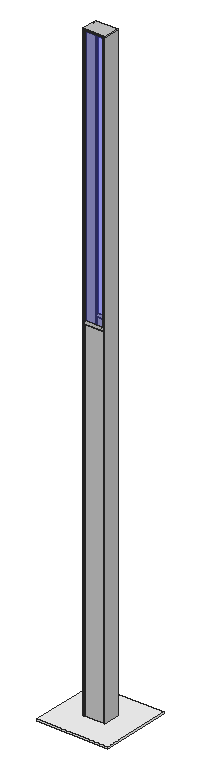
Revit family "BE_84577_de_DE", category Leuchten, Revit 2020
Family settings
  Basisbauteil = Fläche
  Bemaßung runder Anschluss = Durchmesser verwenden
  Teiletyp = Normal
  Beim Laden mit Abzugskörper schneiden = Ja
  Lichtquelle = Ja
  Gemeinsam genutzt = Nein
  Raumberechnungspunkt = Ja
Parameters (values of type "BEGA_84577_Silber_K4")
  built-in parameter 1150104 = 18.271 (stored number, unit not read)
  Wattage = 45 W
  Default Elevation = 0 mm
  built-in parameter 1150113 = 1 (stored number, unit not read)
  built-in parameter 1114218 = 1 (stored number, unit not read)
  Umgebungstemperatur = "25 °C"
  URL = "https://www.bega.com/de/produkt/84577"
  Typenkommentare = "© 2022 BEGA. Wir behalten uns das Recht vor, technische Änderungen ohne vorherige Ankündigung vorzunehmen."  # constant formula
  Type Image = 84577.png
  built-in parameter 1150134 = 12
  built-in parameter 1150109 = 1 (stored number, unit not read)
  Strom = ""
  built-in parameter 1150110 = 1 (stored number, unit not read)
  Spannung = 239.996 V
  Sonderanfertigung = no
  Seriennummer [instance] = "Hier können Sie die eindeutige Seriennummer für das Facility Management eintragen."
  Schutzklasse = "II"
  Schutzart = "IP 65"
  Scheinlast = 0 VA
  Produktdatenblatt = "https://cdn.bega.com/bega/products/84577K4/current/documents/data-sheets/de"
  Oberflächentemperatur = ""
  Neigungswinkel = 0.00°
  Modell = "84577AK4"
  Material_17 = BEGA_Reflektor
  Material_15 = BEGA_Leuchtmedium_matt
  Material_11 = BEGA_Glas_opal
  Material_09 = BEGA_Glas_klar
  Material_06 = BEGA_Oberfläche_Edelstahl_gebürstet
  Material_03 = BEGA_Oberfläche_Weiss_matt
  Material_02 = BEGA_Oberfläche_Silber_matt
  Material_01 [instance] = BEGA_Oberfläche_Grafit_matt
  M_W = no
  M_G = no
  M_A = yes
  Logo = 0
  built-in parameter 1114217 = 1 (stored number, unit not read)
  built-in parameter 1150139 = (empty or 0)
  built-in parameter 1150105 = 704.27 (stored number, unit not read)
  built-in parameter 1150114 = 1 (stored number, unit not read)
  Lumens = 8850.15 lm
  built-in parameter 1150115 = 1 (stored number, unit not read)
  Leuchtenlichtstrom = "3466 lm"
  Leuchtenanzahl = ""
  Lebensdauerkriterien = "L70B50 @ 25 °C = 190000 h"
  Lastklassifizierung = Beleuchtung
  built-in parameter 1150112 = 1 (stored number, unit not read)
  Lampenlichtstrom = "8850 lm"
  Lampe = "LED 45 W"
  LED_Modulbezeichnung = "6x LED-1116/840"
  built-in parameter 1150142 = (empty or 0)
  Hersteller = "BEGA"  # constant formula
  Halbstreuwinkel = ""
  Gewicht = "29.0 kg"
  Gebrauchslageneinschränkung [instance] = ""
  Frequenz = "0/50-60 Hz"
  Farbwiedergabeindex = "CRI > 80"
  Farbtemperaturverschiebung bei Dämpfen der Lampe = <Keine Auswahl>
  Farbtemperatur = "4000 K"
  Color Filter = 16777215
  built-in parameter 1150133 = 10 (stored number, unit not read)
  Energieeffizienzklasse = "LED A++ - A"
  built-in parameter 1150137 = (empty or 0)
  built-in parameter 1150132 = (empty or 0)
  ENEC = "ja"
  Dimmbar [instance] = "DALI"
  Datei für fotometrisches Netz = "BE_84577K4.IES"
  CE_Konformität = "ja"
  Bestellnummer = "84577AK4"
  Beschreibung_Sonderanfertigung = "Hier können Sie Informationen zur Sonderanfertigung eintragen."
  Beschreibung = "Lichtbauelement"
  built-in parameter 1150106 = 7.0427 (stored number, unit not read)
  Befestigungsbohrung = ""
  Befestigungsabstand = ""
  Ballwurfsicher = ""
  BEGA_Intern_aus = yes
  BEGA_Intern_an = yes
  BEGA_Intern_Konstruktion = yes
  BEGA_Intern = yes
  BEGA_IES = yes
  BEGA_Dummy = no
  Anschlussleitung = ""
  Anschlussleistung [instance] = "51.2 W"
  built-in parameter 1150107 = 4000 (stored number, unit not read)
  built-in parameter 1150102 = (empty or 0)
  built-in parameter 1150138 = (empty or 0)
  Aktualisierung = "2022-05-19T04:00:07"
  Abstand_zur_angestrahlten_Fläche [instance] = ""
  AC/DC = "AC/DC"
Types (4, lengths in mm): name | built-in parameter 1150104 | built-in parameter 1150134 | Modell | M_G | M_A | built-in parameter 1150105 | Lumens | Leuchtenlichtstrom | Lampenlichtstrom | LED_Modulbezeichnung | Farbtemperatur | Datei für fotometrisches Netz | Bestellnummer | built-in parameter 1150106 | built-in parameter 1150107
  BEGA_84577_Grafit_K4 | 18.271 (stored number, unit not read) | 12 | "84577K4" | yes | no | 704.27 (stored number, unit not read) | 8850.15 lm | "3466 lm" | "8850 lm" | "6x LED-1116/840" | "4000 K" | "BE_84577K4.IES" | "84577K4" | 7.0427 (stored number, unit not read) | 4000 (stored number, unit not read)
  BEGA_84577_Grafit_K3 | 17.404 (stored number, unit not read) | (empty or 0) | "84577K3" | yes | no | 670.83 (stored number, unit not read) | 8429.85 lm | "3302 lm" | "8430 lm" | "6x LED-1116/830" | "3000 K" | "BE_84577K3.IES" | "84577K3" | 6.7083 (stored number, unit not read) | 3000 (stored number, unit not read)
  BEGA_84577_Silber_K4 | 18.271 (stored number, unit not read) | 12 | "84577AK4" | no | yes | 704.27 (stored number, unit not read) | 8850.15 lm | "3466 lm" | "8850 lm" | "6x LED-1116/840" | "4000 K" | "BE_84577K4.IES" | "84577AK4" | 7.0427 (stored number, unit not read) | 4000 (stored number, unit not read)
  BEGA_84577_Silber_K3 | 17.404 (stored number, unit not read) | (empty or 0) | "84577AK3" | no | yes | 670.83 (stored number, unit not read) | 8429.85 lm | "3302 lm" | "8430 lm" | "6x LED-1116/830" | "3000 K" | "BE_84577K3.IES" | "84577AK3" | 6.7083 (stored number, unit not read) | 3000 (stored number, unit not read)
Reference planes
  plane 1 "Mitte (Vorne/Hinten)": y = 0
  plane 2: z = 0
  plane 3 "Mitte (Links/Rechts)": x = 0
  plane 4 "Links": x = -61.5
  plane 5 "Rechts": x = 61.501
  plane 6 "Unten": y = -45
  plane 7 "Oben": y = 45
  plane 8 "Vorne": z = 3506
  plane 9 "Hinten": z = 0
Forms (mm)
  Extrusion 1, solid, material "BEGA_Platte_Weiss"
    sketch origin (0, -1119.2, 0) x (1, 0, 0) y (0, 1, 0)
      loop
        line (-200, 1319.2) -> (-200, 919.2) -> (200, 919.2) -> (200, 1319.2) -> (-200, 1319.2)
    from 0 to -10
  Extrusion 2, solid, material "BEGA_Dummy_matt", visible <- "BEGA_Dummy"
    sketch origin (80.095, -76.023, 0) x (1, 0, 0) y (0, 1, 0)
      loop
        line (-141.595, 121.023) -> (-141.595, 31.023) -> (-18.594, 31.023) -> (-18.594, 121.023) -> (-141.595, 121.023)
    from 0 to 3506
Dimensions and locks
  plane 1 "Mitte (Vorne/Hinten)" to Extrusion 1 = 200 mm
  aligned and locked: plane 2 to Extrusion 1
  aligned and locked: level to Extrusion 1
Nested families
  nested 1: "84577" at (0.044, 0, 0), type "84577"
Connectors
  electrical at (0, 0, 0), driven by "Lastklassifizierung", driven by "Spannung", driven by "Scheinlast"
    settings: index 1, voltage 239.996 V, apparent load 0 VA, apparent load phase1 0 VA, apparent load phase2 0 VA, apparent load phase3 0 VA, power factor 1, load classification "Beleuchtung", number of poles 1, system type 31, power factor state 1, is connector primary yes, connector utility no, sub classification motor no, connector description ""
Definition of nested family "84577"
  Parameters (values of type "84577")
    Default Elevation = 1 mm
    URL = "http://www.bega.de/de/produkt"
    Type Comments = "© 2015 BEGA. Wir behalten uns das Recht vor, technische Änderungen ohne vorherige Ankündigung vorzunehmen. "  # constant formula
    Type Image = (empty or 0)
    Neigungswinkel_um_Z2 = 0.00°
    Neigungswinkel_um_Z1 = 0.00°
    Neigungswinkel_um_Y2 = 0.00°
    Neigungswinkel_um_Y1 = 0.00°
    Neigungswinkel_um_X2 = 0.00°
    Neigungswinkel_um_X1 = 0.00°
    Material_17 = none
    Material_15 = none
    Material_11 = none
    Material_09 = none
    Material_06 = none
    Material_02 = none
    Material_01 = none
    M_W = yes
    M_G = yes
    M_A = yes
    Länge_Platte = 200 mm  # constant formula
    Höhe_Platte = -10 mm  # constant formula
    Manufacturer = "BEGA"  # constant formula
    Drehwinkel_um_Z2 = 0.00°
    Drehwinkel_um_Z1 = 0.00°
    Breite_Platte = 200 mm  # constant formula
  Reference planes
    plane 1 "Mitte (Oben/Unten)": y = 0
    plane 2: z = 0
    plane 3 "Mitte (Links/Rechts)": x = 0
    plane 4 "Hinten": z = 0
    plane 5 "Links": x = -61.544
    plane 6 "Rechts": x = 58.457
    plane 7 "Oben": y = 45
    plane 8 "Unten": y = -45
    plane 9: z = 3506
  Forms (mm)
    Extrusion 1, solid, detail levels medium
      sketch origin (0, 0, 0) x (1, 0, 0) y (0, 1, 0)
        loop
          line (-100, 100) -> (-100, -100) -> (100, -100) -> (100, 100) -> (-100, 100)
      from 0 to -10 <- "Höhe_Platte"
    Extrusion 2, solid, material <- "Material_01", visible <- "M_G"
      sketch origin (0, 0, 0) x (1, 0, 0) y (0, 1, 0)
        loop
          line (-61.544, 45) -> (-61.544, -45) -> (-58.543, -45) -> (-58.543, -42) -> (-56.543, -42) -> (-56.543, -45) -> (56.453, -45) -> (56.453, -42) -> (58.457, -42) -> (58.457, -45) -> (61.457, -45) -> (61.457, 45) -> (58.457, 45) -> (58.457, 42) -> (56.457, 42) -> (56.457, 45) -> (-56.543, 45) -> (-56.543, 42) -> (-58.543, 42) -> (-58.543, 45) -> (-61.544, 45)
        loop
          line (-58.543, 39.047) -> (-58.543, -39) -> (-52.543, -39) -> (-52.543, -42.03) -> (52.457, -42.03) -> (52.457, -39) -> (58.457, -39) -> (58.457, 39) -> (52.457, 39) -> (52.457, 41.976) -> (-52.59, 41.976) -> (-52.59, 39.047) -> (-58.543, 39.047)
      from 0 to 3500
    Extrusion 3, void
      sketch origin (0, 0, 0) x (1, 0, 0) y (0, 0, 1)
        loop
          line (-56.543, 32) -> (-56.543, 30) -> (56.453, 30) -> (56.453, 32) -> (-56.543, 32)
        loop
          line (-56.543, 1090) -> (-56.543, 1088) -> (56.453, 1088) -> (56.453, 1090) -> (-56.543, 1090)
        loop
          circle (0, 1066) r 12.5
        loop
          circle (0, 1066) r 11.45
        loop
          circle (0, 1066) r 7
        loop
          line (-0.707, 1070.95) -> (-4.95, 1066.707) -> (-4.95, 1065.293) -> (-0.711, 1061.054) -> (0.711, 1061.054) -> (4.95, 1065.293) -> (4.95, 1066.707) -> (0.707, 1070.95) -> (-0.707, 1070.95)
      from 43 to 100
    Extrusion 4, solid, material <- "Material_01", visible <- "M_G"
      sketch origin (0, 0, 0) x (1, 0, 0) y (0, 1, 0)
        loop
          line (-60.544, -44) -> (-58.543, -44) -> (-58.543, -42) -> (-56.543, -42) -> (-56.543, -44) -> (56.457, -44) -> (56.457, -42) -> (58.457, -42) -> (58.457, -44) -> (60.457, -44) -> (60.457, 44) -> (58.457, 44) -> (58.457, 42) -> (56.457, 42) -> (56.457, 44) -> (-56.543, 44) -> (-56.543, 42) -> (-58.543, 42) -> (-58.543, 44) -> (-60.544, 44) -> (-60.544, -44)
      from 3500 to 3500.5
    Extrusion 5, solid, material <- "Material_01", visible <- "M_G"
      sketch origin (0, 0, 0) x (1, 0, 0) y (0, 1, 0)
        loop
          line (-61.544, 45) -> (-61.544, -45) -> (61.457, -45) -> (61.457, 45) -> (-61.544, 45)
      from 3500.5 to 3506
    Extrusion 6, void
      sketch origin (3.131, 0, -0.528) x (1, 0, 0) y (0, 0, 1)
        loop
          line (-59.914, 3500) -> (-59.914, 2000) -> (53.33, 2000) -> (53.33, 3500) -> (-59.914, 3500)
      from 60 to -59.833
    Extrusion 7, void
      sketch origin (0, 0, 0) x (1, 0, 0) y (0, 0, 1)
        loop
          line (-52.543, 3500) -> (-52.543, 2003.5) -> (52.457, 2003.5) -> (52.457, 3500) -> (-52.543, 3500)
      from 45 to 35
    Extrusion 8, solid, material <- "Material_11"
      sketch origin (-3.52, 0, 0.994) x (1, 0, 0) y (0, 0, 1)
        loop
          line (-43.934, 2014.006) -> (51.02, 2014.006) -> (51.02, 3494.006) -> (-43.934, 3494.006) -> (-43.934, 2014.006)
      from -45 to -41
    Extrusion 9, solid, material <- "Material_01", visible <- "M_G"
      sketch origin (0, 0, 0) x (1, 0, 0) y (0, 1, 0)
        loop
          line (-50.495, 28.502) -> (-50.495, -28.498) -> (50.505, -28.498) -> (50.505, 28.502) -> (-50.495, 28.502)
        loop
          line (-24.992, 25.502) -> (-24.992, 24.502) -> (-41.494, 24.502) -> (-41.494, 12.509) -> (-47.495, 12.509) -> (-47.495, -18.216) -> (-27.995, -18.216) -> (-27.995, -25.498) -> (28.005, -25.498) -> (28.005, -17.998) -> (47.505, -17.998) -> (47.505, 12.502) -> (41.525, 12.502) -> (41.525, 24.502) -> (25.005, 24.502) -> (25.005, 25.502) -> (-24.992, 25.502)
      from 0 to 565
    Extrusion 10, solid, material <- "Material_02", visible <- "M_A"
      sketch origin (0, 0, 0) x (1, 0, 0) y (0, 1, 0)
        loop
          line (-50.495, 28.502) -> (-50.495, -28.498) -> (50.505, -28.498) -> (50.505, 28.502) -> (-50.495, 28.502)
        loop
          line (-24.992, 25.502) -> (-24.992, 24.502) -> (-41.494, 24.502) -> (-41.494, 12.509) -> (-47.495, 12.509) -> (-47.495, -18.216) -> (-27.995, -18.216) -> (-27.995, -25.498) -> (28.005, -25.498) -> (28.005, -17.998) -> (47.505, -17.998) -> (47.505, 12.502) -> (41.525, 12.502) -> (41.525, 24.502) -> (25.005, 24.502) -> (25.005, 25.502) -> (-24.992, 25.502)
      from 0 to 565
    Extrusion 11, solid, material <- "Material_02", visible <- "M_A"
      sketch origin (0, 0, 0) x (1, 0, 0) y (0, 1, 0)
        loop
          line (-61.544, 45) -> (-61.544, -45) -> (61.457, -45) -> (61.457, 45) -> (-61.544, 45)
      from 3500.5 to 3506
    Extrusion 12, solid, material <- "Material_02", visible <- "M_A"
      sketch origin (0, 0, 0) x (1, 0, 0) y (0, 1, 0)
        loop
          line (-61.544, 45) -> (-61.544, -45) -> (-58.543, -45) -> (-58.543, -42) -> (-56.543, -42) -> (-56.543, -45) -> (56.453, -45) -> (56.453, -42) -> (58.457, -42) -> (58.457, -45) -> (61.457, -45) -> (61.457, 45) -> (58.457, 45) -> (58.457, 42) -> (56.457, 42) -> (56.457, 45) -> (-56.543, 45) -> (-56.543, 42) -> (-58.543, 42) -> (-58.543, 45) -> (-61.544, 45)
        loop
          line (-58.543, 39.047) -> (-58.543, -39) -> (-52.543, -39) -> (-52.543, -42.03) -> (52.457, -42.03) -> (52.457, -39) -> (58.457, -39) -> (58.457, 39) -> (52.457, 39) -> (52.457, 41.976) -> (-52.59, 41.976) -> (-52.59, 39.047) -> (-58.543, 39.047)
      from 0 to 3500
    Extrusion 13, solid, material <- "Material_02", visible <- "M_A"
      sketch origin (0.205, 0, 0) x (1, 0, 0) y (0, 0, 1)
        loop
          line (-56.749, 3500) -> (-56.749, 2000) -> (56.289, 2000) -> (56.289, 3500) -> (-56.749, 3500)
        loop
          line (-47.66, 3495) -> (-47.66, 2015) -> (47.295, 2015) -> (47.295, 3495) -> (-47.66, 3495)
      from 45 to 41
    Extrusion 14, solid, material <- "Material_01", visible <- "M_G"
      sketch origin (0, 0, 0) x (1, 0, 0) y (0, 0, 1)
        loop
          line (56.494, 1999.472) -> (56.494, 3500) -> (-56.784, 3500) -> (-56.784, 1999.472) -> (56.494, 1999.472)
        loop
          line (47.5, 3495) -> (-47.454, 3495) -> (-47.454, 2015) -> (47.5, 2015) -> (47.5, 3495)
      from 45 to 41
    Extrusion 15, solid, material <- "Material_02", visible <- "M_A"
      sketch origin (0, 0, 0) x (1, 0, 0) y (0, 0, 1)
        loop
          line (56.46, 1999.472) -> (56.46, 3499.472) -> (-56.784, 3499.472) -> (-56.784, 1999.472) -> (56.46, 1999.472)
        loop
          line (47.5, 3495) -> (-47.454, 3495) -> (-47.454, 2015) -> (47.5, 2015) -> (47.5, 3495)
      from -45 to -41
    Extrusion 16, solid, material <- "Material_01", visible <- "M_G"
      sketch origin (0, 0, 0) x (1, 0, 0) y (0, 0, 1)
        loop
          line (56.46, 1999.472) -> (56.46, 3499.472) -> (-56.784, 3499.472) -> (-56.784, 1999.472) -> (56.46, 1999.472)
        loop
          line (47.5, 3495) -> (-47.454, 3495) -> (-47.454, 2015) -> (47.5, 2015) -> (47.5, 3495)
      from -45 to -41
    Extrusion 17, solid, material <- "Material_11"
      sketch origin (0, 0, 0) x (1, 0, 0) y (0, 0, 1)
        loop
          line (47.5, 2015) -> (47.5, 3495) -> (-47.454, 3495) -> (-47.454, 2015) -> (47.5, 2015)
      from 45 to 41
  Cuts and joins
    Extrusion 3, Extrusion 6, Extrusion 7 cuts Extrusion 2
    Extrusion 6, Extrusion 7 cuts Extrusion 4
    Extrusion 6, Extrusion 7 cuts Extrusion 5
    joined: Extrusion 2, Extrusion 4, Extrusion 5
    Extrusion 6 cuts Extrusion 12
    Extrusion 6 cuts Extrusion 11
  Dimensions and locks
    equal spacing: Extrusion 1 sketch curve, plane 3 "Mitte (Links/Rechts)", Extrusion 1 sketch curve
    equal spacing: Extrusion 1 sketch curve, plane 1 "Mitte (Oben/Unten)", Extrusion 1 sketch curve
    "Länge_Platte": Extrusion 1 sketch curve to Extrusion 1 sketch curve
    "Breite_Platte": Extrusion 1 sketch curve to Extrusion 1 sketch curve
    Extrusion 3 sketch curve to Extrusion 1 = 30 mm
    Extrusion 3 sketch curve to Extrusion 3 sketch curve = 2 mm  (x2)
    Extrusion 3 sketch curve to Extrusion 1 = 1088 mm
    cut or joined group of Extrusion 2, Extrusion 3, Extrusion 4, Extrusion 5, Extrusion 6, Extrusion 7 to Extrusion 6 sketch curve = 6.528 mm
    Extrusion 6 sketch curve to Extrusion 6 sketch curve = 1500 mm
    plane 3 "Mitte (Links/Rechts)" to Extrusion 8 sketch curve = 47.454 mm
    Extrusion 8 sketch curve to plane 3 "Mitte (Links/Rechts)" = 47.5 mm
    Extrusion 8 sketch curve to Extrusion 8 sketch curve = 1480 mm
    aligned and locked: plane 2 to Extrusion 1
    aligned and locked: level to Extrusion 1
  Automatic sketch dimensions
    Extrusion 2 sketch curve to plane 3 "Mitte (Links/Rechts)" = 61.544 mm
    Extrusion 2 sketch curve to Extrusion 2 sketch curve = 3.001 mm  (x3)
    Extrusion 2 sketch curve to Extrusion 2 sketch curve = 2 mm  (x3)
    Extrusion 2 sketch curve to Extrusion 2 sketch curve = 3.952 mm
    Extrusion 2 sketch curve to Extrusion 2 sketch curve = 4 mm  (x2)
    plane 3 "Mitte (Links/Rechts)" to Extrusion 2 sketch curve = 52.457 mm  (x2)
    Extrusion 2 sketch curve to Extrusion 2 sketch curve = 3.996 mm
    Extrusion 2 sketch curve to Extrusion 2 sketch curve = 0 mm  (x3)
    Extrusion 2 sketch curve to Extrusion 2 sketch curve = 2.004 mm
    Extrusion 2 sketch curve to Extrusion 2 sketch curve = 3 mm  (x7)
    plane 1 "Mitte (Oben/Unten)" to Extrusion 2 sketch curve = 45 mm  (x2)
    Extrusion 2 sketch curve to Extrusion 2 sketch curve = 2.97 mm
    Extrusion 2 sketch curve to Extrusion 2 sketch curve = 3.03 mm
    Extrusion 2 sketch curve to plane 1 "Mitte (Oben/Unten)" = 39 mm
    Extrusion 2 sketch curve to plane 1 "Mitte (Oben/Unten)" = 39.048 mm
    Extrusion 2 sketch curve to Extrusion 2 sketch curve = 2.977 mm
    Extrusion 2 sketch curve to Extrusion 2 sketch curve = 2.952 mm
    Extrusion 3 sketch curve to Extrusion 3 sketch curve = 0 mm  (x4)
    Extrusion 3 sketch curve to plane 3 "Mitte (Links/Rechts)" = 0 mm
    Extrusion 3 sketch curve to plane 3 "Mitte (Links/Rechts)" = 0.711 mm
    Extrusion 3 sketch curve to plane 3 "Mitte (Links/Rechts)" = 4.95 mm
    Extrusion 3 sketch curve to Extrusion 3 sketch curve = 51.593 mm
    Extrusion 3 sketch curve to plane 3 "Mitte (Links/Rechts)" = 56.543 mm
    plane 3 "Mitte (Links/Rechts)" to Extrusion 3 sketch curve = 0.711 mm
    plane 3 "Mitte (Links/Rechts)" to Extrusion 3 sketch curve = 4.95 mm
    plane 3 "Mitte (Links/Rechts)" to Extrusion 3 sketch curve = 56.453 mm  (x2)
    Extrusion 3 sketch curve to Extrusion 3 sketch curve = 26.946 mm
    Extrusion 3 sketch curve to Extrusion 3 sketch curve = 4.238 mm  (x2)
    Extrusion 3 sketch curve to Extrusion 3 sketch curve = 4.946 mm
    Extrusion 3 sketch curve to Extrusion 3 sketch curve = 1.414 mm  (x2)
    Extrusion 3 sketch curve to plane 3 "Mitte (Links/Rechts)" = 0.707 mm
    plane 3 "Mitte (Links/Rechts)" to Extrusion 3 sketch curve = 0.707 mm
    Extrusion 3 sketch curve to Extrusion 3 sketch curve = 4.95 mm
    Extrusion 5 sketch curve to plane 3 "Mitte (Links/Rechts)" = 61.544 mm
    plane 3 "Mitte (Links/Rechts)" to Extrusion 5 sketch curve = 61.457 mm
    plane 1 "Mitte (Oben/Unten)" to Extrusion 5 sketch curve = 45 mm
    Extrusion 5 sketch curve to plane 1 "Mitte (Oben/Unten)" = 45 mm
    Extrusion 4 sketch curve to Extrusion 4 sketch curve = 2.001 mm  (x2)
    Extrusion 4 sketch curve to Extrusion 4 sketch curve = 2 mm  (x9)
    Extrusion 4 sketch curve to Extrusion 4 sketch curve = 4 mm  (x2)
    plane 1 "Mitte (Oben/Unten)" to Extrusion 4 sketch curve = 44 mm  (x2)
    Extrusion 4 sketch curve to Extrusion 4 sketch curve = 0 mm
    Extrusion 4 sketch curve to plane 1 "Mitte (Oben/Unten)" = 42 mm  (x2)
    Extrusion 4 sketch curve to plane 3 "Mitte (Links/Rechts)" = 60.544 mm
    plane 3 "Mitte (Links/Rechts)" to Extrusion 4 sketch curve = 56.457 mm
    Extrusion 7 sketch curve to plane 3 "Mitte (Links/Rechts)" = 52.543 mm
    plane 3 "Mitte (Links/Rechts)" to Extrusion 7 sketch curve = 52.457 mm
    Extrusion 7 sketch curve to Extrusion 7 sketch curve = 1496.5 mm
    Extrusion 9 sketch curve to plane 3 "Mitte (Links/Rechts)" = 50.495 mm
    Extrusion 9 sketch curve to Extrusion 9 sketch curve = 3 mm  (x2)
    Extrusion 9 sketch curve to Extrusion 9 sketch curve = 6 mm
    Extrusion 9 sketch curve to Extrusion 9 sketch curve = 19.5 mm
    Extrusion 9 sketch curve to Extrusion 9 sketch curve = 16.503 mm
    plane 3 "Mitte (Links/Rechts)" to Extrusion 9 sketch curve = 25.005 mm
    plane 3 "Mitte (Links/Rechts)" to Extrusion 9 sketch curve = 28.005 mm
    Extrusion 9 sketch curve to Extrusion 9 sketch curve = 16.52 mm
    Extrusion 9 sketch curve to Extrusion 9 sketch curve = 5.98 mm
    Extrusion 9 sketch curve to Extrusion 9 sketch curve = 8.98 mm
    plane 1 "Mitte (Oben/Unten)" to Extrusion 9 sketch curve = 28.498 mm
    Extrusion 9 sketch curve to Extrusion 9 sketch curve = 10.282 mm
    Extrusion 9 sketch curve to Extrusion 9 sketch curve = 10.5 mm
    Extrusion 9 sketch curve to plane 1 "Mitte (Oben/Unten)" = 12.502 mm
    Extrusion 9 sketch curve to plane 1 "Mitte (Oben/Unten)" = 12.509 mm
    Extrusion 9 sketch curve to Extrusion 9 sketch curve = 12 mm
    Extrusion 9 sketch curve to Extrusion 9 sketch curve = 11.993 mm
    Extrusion 9 sketch curve to Extrusion 9 sketch curve = 1 mm
    Extrusion 9 sketch curve to Extrusion 9 sketch curve = 4 mm
    Extrusion 10 sketch curve to plane 3 "Mitte (Links/Rechts)" = 50.495 mm
    Extrusion 10 sketch curve to Extrusion 10 sketch curve = 3 mm  (x2)
    Extrusion 10 sketch curve to Extrusion 10 sketch curve = 6 mm
    Extrusion 10 sketch curve to Extrusion 10 sketch curve = 19.5 mm
    Extrusion 10 sketch curve to Extrusion 10 sketch curve = 16.503 mm
    plane 3 "Mitte (Links/Rechts)" to Extrusion 10 sketch curve = 25.005 mm
    plane 3 "Mitte (Links/Rechts)" to Extrusion 10 sketch curve = 28.005 mm
    Extrusion 10 sketch curve to Extrusion 10 sketch curve = 16.52 mm
    Extrusion 10 sketch curve to Extrusion 10 sketch curve = 5.98 mm
    Extrusion 10 sketch curve to Extrusion 10 sketch curve = 8.98 mm
    plane 1 "Mitte (Oben/Unten)" to Extrusion 10 sketch curve = 28.498 mm
    Extrusion 10 sketch curve to Extrusion 10 sketch curve = 10.282 mm
    Extrusion 10 sketch curve to Extrusion 10 sketch curve = 10.5 mm
    Extrusion 10 sketch curve to plane 1 "Mitte (Oben/Unten)" = 12.502 mm
    Extrusion 10 sketch curve to plane 1 "Mitte (Oben/Unten)" = 12.509 mm
    Extrusion 10 sketch curve to Extrusion 10 sketch curve = 12 mm
    Extrusion 10 sketch curve to Extrusion 10 sketch curve = 11.993 mm
    Extrusion 10 sketch curve to Extrusion 10 sketch curve = 1 mm
    Extrusion 10 sketch curve to Extrusion 10 sketch curve = 4 mm
    level to Extrusion 7 sketch curve = 2003.5 mm
    Extrusion 11 sketch curve to plane 5 "Links" = 0 mm
    Extrusion 11 sketch curve to plane 8 "Unten" = 0 mm
    Extrusion 11 sketch curve to plane 7 "Oben" = 0 mm
    plane 6 "Rechts" to Extrusion 11 sketch curve = 3 mm
    Extrusion 12 sketch curve to plane 5 "Links" = 0 mm
    Extrusion 12 sketch curve to plane 7 "Oben" = 0 mm  (x3)
    Extrusion 12 sketch curve to plane 8 "Unten" = 0 mm  (x3)
    Extrusion 12 sketch curve to plane 6 "Rechts" = 0 mm  (x3)
    plane 5 "Links" to Extrusion 12 sketch curve = 3.001 mm  (x2)
    Extrusion 12 sketch curve to Extrusion 12 sketch curve = 3.001 mm
    Extrusion 12 sketch curve to Extrusion 12 sketch curve = 2 mm  (x2)
    Extrusion 12 sketch curve to Extrusion 12 sketch curve = 3.952 mm
    Extrusion 12 sketch curve to Extrusion 12 sketch curve = 4 mm
    Extrusion 12 sketch curve to plane 6 "Rechts" = 6 mm  (x2)
    Extrusion 12 sketch curve to plane 6 "Rechts" = 2.004 mm
    Extrusion 12 sketch curve to plane 6 "Rechts" = 2 mm
    Extrusion 12 sketch curve to Extrusion 12 sketch curve = 3 mm  (x4)
    plane 8 "Unten" to Extrusion 12 sketch curve = 2.97 mm
    Extrusion 12 sketch curve to Extrusion 12 sketch curve = 3.03 mm
    Extrusion 12 sketch curve to plane 7 "Oben" = 6 mm
    Extrusion 12 sketch curve to plane 7 "Oben" = 5.952 mm
    Extrusion 12 sketch curve to Extrusion 12 sketch curve = 2.977 mm
    Extrusion 12 sketch curve to plane 7 "Oben" = 3 mm  (x2)
    Extrusion 8 sketch curve to plane 9 = 1491 mm
    plane 5 "Links" to Extrusion 13 sketch curve = 5 mm
    Extrusion 13 sketch curve to Extrusion 13 sketch curve = 9.09 mm
    Extrusion 13 sketch curve to plane 6 "Rechts" = 10.957 mm
    Extrusion 13 sketch curve to plane 6 "Rechts" = 1.963 mm
    Extrusion 13 sketch curve to plane 9 = 1506 mm
    Extrusion 13 sketch curve to Extrusion 13 sketch curve = 15 mm
    Extrusion 13 sketch curve to plane 9 = 11 mm
    Extrusion 13 sketch curve to plane 9 = 6 mm
    plane 5 "Links" to Extrusion 6 sketch curve = 4.76 mm
    Extrusion 6 sketch curve to plane 6 "Rechts" = 1.997 mm
    plane 5 "Links" to Extrusion 14 sketch curve = 4.76 mm
    plane 5 "Links" to Extrusion 14 sketch curve = 14.09 mm
    Extrusion 14 sketch curve to plane 6 "Rechts" = 10.957 mm
    Extrusion 14 sketch curve to plane 6 "Rechts" = 1.963 mm
    Extrusion 14 sketch curve to plane 9 = 1506.528 mm
    Extrusion 14 sketch curve to Extrusion 14 sketch curve = 15.528 mm
    Extrusion 14 sketch curve to plane 9 = 11 mm
    Extrusion 14 sketch curve to plane 9 = 6 mm
    plane 5 "Links" to Extrusion 15 sketch curve = 4.76 mm
    plane 5 "Links" to Extrusion 15 sketch curve = 14.09 mm
    Extrusion 15 sketch curve to plane 6 "Rechts" = 10.957 mm
    Extrusion 15 sketch curve to plane 6 "Rechts" = 1.997 mm
    Extrusion 15 sketch curve to plane 9 = 1506.528 mm
    Extrusion 15 sketch curve to Extrusion 15 sketch curve = 15.528 mm
    Extrusion 15 sketch curve to plane 9 = 11 mm
    Extrusion 15 sketch curve to plane 9 = 6.528 mm
    plane 5 "Links" to Extrusion 16 sketch curve = 4.76 mm
    plane 5 "Links" to Extrusion 16 sketch curve = 14.09 mm
    Extrusion 16 sketch curve to plane 6 "Rechts" = 10.957 mm
    Extrusion 16 sketch curve to plane 6 "Rechts" = 1.997 mm
    Extrusion 16 sketch curve to plane 9 = 1506.528 mm
    Extrusion 16 sketch curve to Extrusion 16 sketch curve = 15.528 mm
    Extrusion 16 sketch curve to plane 9 = 11 mm
    Extrusion 16 sketch curve to plane 9 = 6.528 mm
    plane 5 "Links" to Extrusion 17 sketch curve = 14.09 mm
    Extrusion 17 sketch curve to plane 6 "Rechts" = 10.957 mm
    Extrusion 17 sketch curve to plane 9 = 1491 mm
    Extrusion 17 sketch curve to plane 9 = 11 mm
    radius of Extrusion 3 sketch curve = 12.5 mm
    radius of Extrusion 3 sketch curve = 11.45 mm
    radius of Extrusion 3 sketch curve = 7 mm
